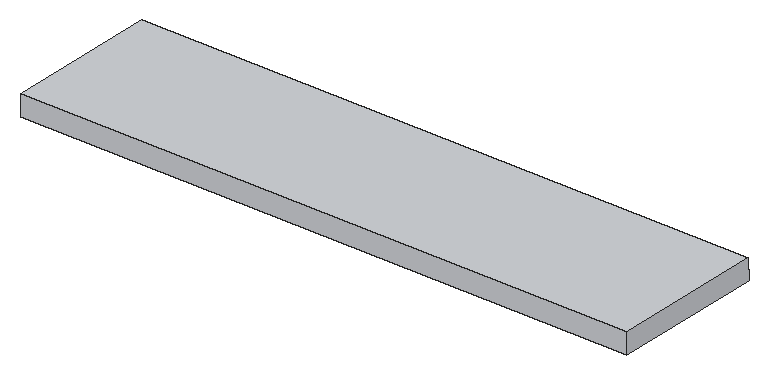
Revit family "1828_ TUPEX ELECTRIC_AREL D-I", category Lighting Fixtures, host Face, Revit 2016
Family settings
  Host = Face
  Part Type = Normal
  Round Connector Dimension = Use Diameter
  Cut with Voids When Loaded = No
  Light Source = Yes
  Shared = No
  Room Calculation Point = Yes
Parameters
  width = 1200 mm
  volt = 220 V
  length = 150 mm
  depth = 20 mm
  Wattage = 56 W
  built-in parameter 1150110 = 1 (stored number, unit not read)
  built-in parameter 1114217 = 1 (stored number, unit not read)
  Tilt Angle = 60.00°
  built-in parameter 1150109 = 1 (stored number, unit not read)
  built-in parameter 1150134 = 3
  built-in parameter 1150113 = 1 (stored number, unit not read)
  Photometric Web File = "1828.IES"
  built-in parameter 1150105 = 396.61 (stored number, unit not read)
  Lumens = 4984 lm
  built-in parameter 1150115 = 1 (stored number, unit not read)
  built-in parameter 1150137 = (empty or 0)
  built-in parameter 1150139 = (empty or 0)
  built-in parameter 1150112 = 1 (stored number, unit not read)
  built-in parameter 1150114 = 1 (stored number, unit not read)
  built-in parameter 1150132 = (empty or 0)
  built-in parameter 1150102 = (empty or 0)
  built-in parameter 1150107 = 3200 (stored number, unit not read)
  built-in parameter 1150138 = (empty or 0)
  built-in parameter 1150106 = 3.9661 (stored number, unit not read)
  built-in parameter 1150104 = 8.2684 (stored number, unit not read)
  Dimming Lamp Color Temperature Shift = (empty or 0)
  Default Elevation = 1219.2 mm
  Color Filter = 16777215
  built-in parameter 1114218 = 1 (stored number, unit not read)
  built-in parameter 1150133 = 10 (stored number, unit not read)
Reference planes
  plane 1 "Center (Front/Back)": y = 0
  plane 2: z = 0
  plane 3 "Center (Left/Right)": x = 0
  plane 4: x = 1200
  plane 5: y = -150
  plane 6: z = 20
  plane 7: z = -20
  plane 8: y = -300
  plane 9: x = 300
  plane 10: x = 600
Forms (mm)
  Extrusion 1, solid
    sketch origin (0, 0, 0) x (1, 0, 0) y (0, 0, 1)
      loop
        line (1200, 20) -> (0, 20) -> (0, -20) -> (1200, -20) -> (1200, 20)
    from 0 to 300
Dimensions and locks
  "width": plane 3 "Center (Left/Right)" to plane 4
  "length": plane 5 to plane 1 "Center (Front/Back)"
  "depth": level to plane 6
  plane 7 to level = 20 mm
  Extrusion 1 to Extrusion 1 = 300 mm
  plane 3 "Center (Left/Right)" to plane 4 = 1200 mm
  aligned and locked: host face to plane 2
  aligned and locked: host face to level
Automatic sketch dimensions
  host sketch curve to host sketch curve = 4076.048 mm
  host sketch curve to host sketch curve = 2438.4 mm
  Extrusion 1 sketch curve to plane 6 = 0 mm
  Extrusion 1 sketch curve to plane 7 = 0 mm
  Extrusion 1 sketch curve to plane 3 "Center (Left/Right)" = 0 mm
  Extrusion 1 sketch curve to plane 4 = 0 mm
